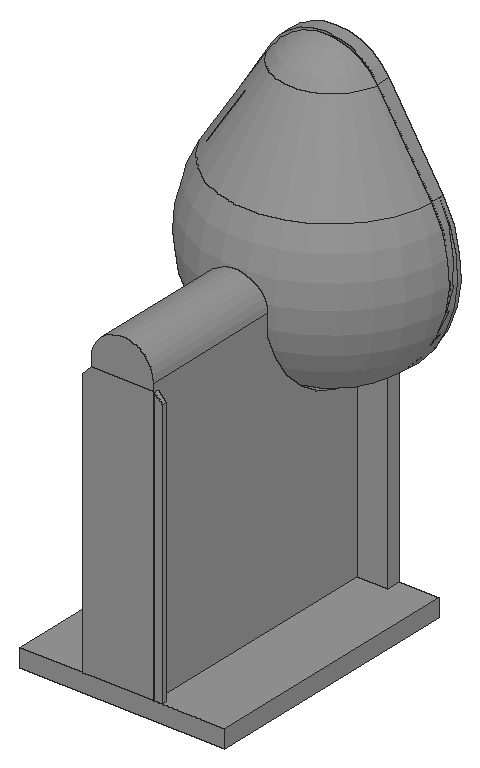
Revit family "Toilet-Willoughby-1490-ETWS-FM-TS", category Plumbing Fixtures, host Face, Revit 2014
Parameters (values of type "Standard")
  Waste DIA = 2 1/2"
  Waste Connection = yes
  W-RAD [instance] = Waste DIA / 2  # 0' - 1 1/4"
  Vent Connection = no
  URL = "www.willoughby-ind.com"
  Type Comments = "Siphon Jet Flush"
  Revision = "A"
  Model = "ETWS-1490-FM-TS"
  Manufacturer = "Willoughby Industries"
  HW Connection = no
  Flush inlet DIA = 1 1/2"
  Flush Inlet Connection = yes
  Fixture Body = Stainless Steel AISI 304-Willoughby
  F-RAD [instance] = Flush inlet DIA / 2  # 0' - 0 3/4"
  Description = "Floor Mounted Toilet"
  Default Elevation = 0' - 0"
  Contact Number = "(800) 428-4065"
  CW Connection = no
Reference planes (in)
  plane 1 "Base": y = -16.25
  plane 2: z = 0
  plane 3 "Center": x = 18.31072
  plane 4 "Seat HGT": y = -1.25
  plane 5: y = -2.125
  plane 6: x = 16.56072
  plane 7: x = 20.06072
  plane 8: x = 12.56072
  plane 9: x = 24.06072
  plane 10: z = 2.75
  plane 11 "Waste HGT": y = -10.75
  plane 12: z = 27.75
Forms (in)
  Extrusion 1, solid, material "Stainless Steel AISI 304-Willoughby" <- "Fixture Body"
    sketch origin (16.08109, 7.47968, -5.1422) x (-1, 0, 0) y (0, 0, -1)
      loop
        line (1.29775, -16.80087) -> (1.29775, -5.1422) -> (-5.72963, -5.1422) -> (-5.72963, -16.81676)
        arc (-5.72963, -16.81676) -> (-8.98136, -21.11843) -> (-8.21015, -26.45542) r 7
        line (-8.21015, -26.45542) -> (-5.16818, -31.31054)
        arc (-5.16818, -31.31054) -> (-2.20225, -32.95225) -> (0.76368, -31.31054) r 3.5
        line (0.76368, -31.31054) -> (3.80565, -26.45542)
        arc (3.80565, -26.45542) -> (4.5729, -21.10311) -> (1.29775, -16.80087) r 7
      loop
        arc (2.03989, -24.70557) -> (-2.20225, -18.23804) -> (-6.44438, -24.70557) r 4.625
        line (-6.44438, -24.70557) -> (-4.04125, -30.23842)
        arc (-4.04125, -30.23842) -> (-2.20225, -31.45225) -> (-0.36324, -30.23842) r 2
        line (-0.36324, -30.23842) -> (2.03989, -24.70557)
    from 8.72968 to 9.5
  Revolve 2, solid, material "Stainless Steel AISI 304-Willoughby" <- "Fixture Body"
    sketch origin (19.37246, -1.52032, -1.93826) x (-1, 0, 0) y (0, 0, -1)
      loop
        line (1.06174, -12.59906) -> (1.06174, -12.84906)
        arc (1.06174, -12.84906) -> (6.96784, -16.33096) -> (6.78077, -23.18447) r 6.75
        line (6.78077, -23.18447) -> (3.81535, -27.91457)
        arc (3.81535, -27.91457) -> (2.63527, -29.03194) -> (1.06174, -29.43826) r 3.25
        line (1.06174, -29.43826) -> (1.06174, -29.68826)
        arc (1.06174, -29.68826) -> (2.75672, -29.25045) -> (4.02767, -28.04656) r 3.5
        line (4.02767, -28.04656) -> (7.06964, -23.19143)
        arc (7.06964, -23.19143) -> (7.15052, -16.14555) -> (1.06174, -12.59906) r 7
      axis (1.06174, -12.59906) -> (1.06174, -29.68826)
    angle from 0 to -180
  Extrusion 3, solid, material "Stainless Steel AISI 304-Willoughby" <- "Fixture Body"
    sketch origin (19.53334, -3.02032, -2.9508) x (0, 1, 0) y (0, 0, 1)
      loop
        line (-5.27082, 2.9508) -> (1, 2.9508) -> (1, 13.76086)
        arc (1, 13.76086) -> (-2.93256, 15.26109) -> (-5.27082, 18.76086) r 6.92744
        line (-5.27082, 18.76086) -> (-5.27082, 2.9508)
    from 0.52738 to -2.97262
  Extrusion 4, solid, material "Stainless Steel AISI 304-Willoughby" <- "Fixture Body"
    sketch origin (0, 14.59309, 0) x (1, 0, 0) y (0, 1, 0)
      loop
        circle (18.31072, -25.34309) r 1.25
    from 1 to -3
  Extrusion 5, solid, material "Stainless Steel AISI 304-Willoughby" <- "Fixture Body"
    sketch origin (0, 1.11185, 0) x (1, 0, 0) y (0, 0, 1)
      loop
        circle (18.31072, 2.75) r 0.75
    from 2.36185 to 1.42435
  Extrusion 6, solid, material "Stainless Steel AISI 304-Willoughby" <- "Fixture Body"
    sketch origin (0, -16.25, 0) x (1, 0, 0) y (0, 0, 1)
      loop
        line (24.06072, 0) -> (24.06072, 1) -> (12.56072, 1) -> (12.56072, 0) -> (24.06072, 0)
    from -15 to 0
  Extrusion 7, solid, material "Stainless Steel AISI 304-Willoughby" <- "Fixture Body"
    sketch origin (0, -16.25, 2) x (1, 0, 0) y (0, 0, 1)
      loop
        line (20.06072, -2) -> (20.06072, 14.94894)
        arc (20.06072, 14.94894) -> (18.31072, 16.69894) -> (16.56072, 14.94894) r 1.75
        line (16.56072, 14.94894) -> (16.56072, -2) -> (20.06072, -2)
    from 0 to -7.95886
  Extrusion 8, solid, material "Stainless Steel AISI 304-Willoughby" <- "Fixture Body"
    sketch origin (0, -16.25, 0) x (1, 0, 0) y (0, 0, 1)
      loop
        line (20.56072, 1) -> (20.56072, 16.04076) -> (20.06072, 16.54076) -> (16.56072, 16.54076) -> (16.06072, 16.04076) -> (16.06072, 1) -> (16.56072, 1) -> (20.56072, 1)
    from 0 to -0.25
Cuts and joins
  joined: Extrusion 1, Extrusion 3, Extrusion 6, Extrusion 7
Lines and regions (in)
  symbolic lines
    curve 1: line (11.28334, -2.02032, 0) -> (11.28334, -1.25, 0)
    curve 2: line (11.28334, -1.25, 0) -> (25.28334, -1.25, 0)
    curve 3: line (25.28334, -1.25, 0) -> (25.28334, -2.02032, 0)
    curve 4: arc (25.28334, -2.02032, 0) -> (23.10099, -6.63946, 0) -> (18.31072, -8.41496, 0) r 6.76417
    curve 5: arc (18.31072, -8.41496, 0) -> (13.51474, -6.62681, 0) -> (11.28334, -2.02032, 0) r 6.8754
    curve 6: line (24.06072, -5.54725, 0) -> (24.06072, -16.25, 0)
    curve 7: line (24.06072, -16.25, 0) -> (12.56072, -16.25, 0)
    curve 8: line (12.56072, -16.25, 0) -> (12.56072, -5.55658, 0)
    curve 9: line (20.06072, -8.24279, 0) -> (20.06072, -16.25, 0)
    curve 10: line (16.56072, -8.2327, 0) -> (16.56072, -16.25, 0)
    curve 11: line (20.06072, -16, 0) -> (20.56072, -16, 0)
    curve 12: line (20.56072, -16, 0) -> (20.56072, -16.25, 0)
    curve 13: line (16.56072, -16, 0) -> (16.06072, -16, 0)
    curve 14: line (16.06072, -16, 0) -> (16.06072, -16.25, 0)
    curve 15: line (14.78334, -16.25, 11.65867) -> (14.78334, -16.25, 1)
    curve 16: line (14.78334, -16.25, 1) -> (12.56072, -16.25, 1)
    curve 17: line (12.56072, -16.25, 1) -> (12.56072, -16.25, 0)
    curve 18: line (12.56072, -16.25, 0) -> (24.06072, -16.25, 0)
    curve 19: line (24.06072, -16.25, 0) -> (24.06072, -16.25, 1)
    curve 20: line (24.06072, -16.25, 1) -> (21.81072, -16.25, 1)
    curve 21: line (21.81072, -16.25, 1) -> (21.81072, -16.25, 11.67456)
    curve 22: arc (21.81072, -16.25, 11.67456) -> (25.08541, -16.25, 15.97033) -> (24.29124, -16.25, 21.31322) r 6.94458
    curve 23: line (24.29124, -16.25, 21.31322) -> (21.24927, -16.25, 26.16835)
    curve 24: arc (21.24927, -16.25, 26.16835) -> (19.97832, -16.25, 27.37224) -> (18.28334, -16.25, 27.81005) r 3.5
    curve 25: arc (18.28334, -16.25, 27.81005) -> (16.58835, -16.25, 27.37224) -> (15.31741, -16.25, 26.16835) r 3.5
    curve 26: line (15.31741, -16.25, 26.16835) -> (12.35249, -16.25, 21.43905)
    curve 27: arc (12.35249, -16.25, 21.43905) -> (11.49002, -16.25, 16.03241) -> (14.78334, -16.25, 11.65867) r 7
    curve 33: line (18.31072, -8.42861, 18.69535) -> (18.31072, -16.25, 18.69535)
    curve 34: line (18.31072, -16.25, 18.69535) -> (18.31072, -16.25, 0)
    curve 35: line (18.31072, -16.25, 0) -> (18.31072, -1.25, 0)
    curve 36: line (18.31072, -1.25, 0) -> (18.31072, -1.25, 27.81005)
    curve 37: line (18.31072, -1.25, 27.81005) -> (18.31072, -2.02032, 27.81005)
    curve 38: arc (18.31072, -2.02032, 27.81005) -> (18.31072, -3.3009, 27.25737) -> (18.31072, -4.32667, 26.31229) r 4.1579
    curve 39: line (18.31072, -4.32667, 26.31229) -> (18.31072, -7.52822, 21.25317)
    curve 40: arc (18.31072, -7.52822, 21.25317) -> (18.31072, -8.12338, 20.02529) -> (18.31072, -8.42861, 18.69535) r 6.05743
    curve 41: arc (18.31072, -8.42861, 18.69535) -> (18.31072, -8.31429, 17.25487) -> (18.31072, -8.29114, 15.81005) r 22.87654
    curve 42: arc (18.31072, -8.29114, 15.81005) -> (18.31072, -5.95289, 12.31029) -> (18.31072, -2.02032, 10.81005) r 6.92744
    curve 43: line (18.31072, -1.25, 11.65867) -> (18.31072, -2.02032, 11.65867)
    curve 44: line (18.31072, -2.02032, 11.65867) -> (18.31072, -2.02032, 1)
    curve 45: line (18.31072, -2.02032, 1) -> (18.31072, -16.25, 1)
  symbolic lines, detail levels fine
    curve 28: arc (14.0412, -16.25, 19.56337) -> (18.28334, -16.25, 13.09585) -> (22.52547, -16.25, 19.56337) r 4.625
    curve 29: line (22.52547, -16.25, 19.56337) -> (20.23477, -16.25, 24.83738)
    curve 30: arc (20.23477, -16.25, 24.83738) -> (19.45279, -16.25, 25.83044) -> (18.28334, -16.25, 26.31005) r 2.48373
    curve 31: arc (18.28334, -16.25, 26.31005) -> (17.13701, -16.25, 26.04679) -> (16.44433, -16.25, 25.09622) r 1.67984
    curve 32: line (16.44433, -16.25, 25.09622) -> (14.0412, -16.25, 19.56337)
Dimensions and locks (in)
  locked: plane 1 "Base" to plane 4 "Seat HGT" at 15
  locked: plane 11 "Waste HGT" to plane 1 "Base" at 5.5
  locked: plane 1 "Base" to plane 11 "Waste HGT" at 5.5
  locked: plane 8 to plane 9 at 11.5
  locked: plane 8 to plane 3 "Center" at 5.75
  host face to plane 12 = 2' - 3 3/4"
  host face to plane 10 = 0' - 2 3/4"
  "W-RAD": radius of Extrusion 4 sketch curve
  "F-RAD": radius of Extrusion 5 sketch curve
  aligned and locked: plane 2 to host face
  aligned and locked: level to host face
  aligned and locked: plane 3 "Center" to Extrusion 4 sketch curve
  aligned and locked: plane 3 "Center" to Extrusion 5 sketch curve
  aligned and locked: plane 10 to Extrusion 5 sketch curve
  aligned and locked: plane 11 "Waste HGT" to Extrusion 4 sketch curve
  aligned and locked: cut or joined group of Extrusion 1, Extrusion 3, Extrusion 6, Extrusion 7 to level
  aligned and locked: cut or joined group of Extrusion 1, Extrusion 3, Extrusion 6, Extrusion 7 to cut or joined group of Extrusion 1, Extrusion 3, Extrusion 6, Extrusion 7
Automatic sketch dimensions
  host sketch curve to host sketch curve = 3' - 8.1248"
  host sketch curve to host sketch curve = 3' - 2.61225"
  Extrusion 1 sketch curve to Extrusion 1 sketch curve = 0' - 0"  (x8)
  level to Extrusion 1 sketch curve = 0' - 0"
  plane 3 "Center" to Extrusion 1 sketch curve = 0' - 5.98052"
  Extrusion 1 sketch curve to Extrusion 1 sketch curve = 0' - 1.76576"  (x2)
  plane 3 "Center" to Extrusion 1 sketch curve = 0' - 3 1/2"
  plane 3 "Center" to Extrusion 1 sketch curve = 0' - 2.93855"
  Extrusion 1 sketch curve to Extrusion 1 sketch curve = 0' - 1.12693"  (x2)
  Extrusion 1 sketch curve to plane 3 "Center" = 0' - 0.02738"  (x2)
  Extrusion 1 sketch curve to plane 3 "Center" = 0' - 1.86639"
  Extrusion 1 sketch curve to plane 3 "Center" = 0' - 3.52738"
  Extrusion 1 sketch curve to plane 3 "Center" = 0' - 4 69/256"
  Extrusion 1 sketch curve to Extrusion 1 sketch curve = 0' - 11.65867"
  Extrusion 1 sketch curve to Extrusion 1 sketch curve = 0' - 0.01589"
  Extrusion 1 sketch curve to Extrusion 1 sketch curve = 0' - 6.06218"
  Extrusion 1 sketch curve to Extrusion 1 sketch curve = 0' - 1.74985"
  Extrusion 1 sketch curve to Extrusion 1 sketch curve = 0' - 4.74668"
  Extrusion 1 sketch curve to Extrusion 1 sketch curve = 0' - 0.78617"
  Extrusion 1 sketch curve to Extrusion 1 sketch curve = 0' - 1.07212"
  Revolve 2 sketch curve to Revolve 2 sketch curve = 0' - 0"  (x2)
  Revolve 2 sketch curve to plane 3 "Center" = 0' - 0"  (x3)
  plane 3 "Center" to Revolve 2 sketch curve = 0' - 0"
  Revolve 2 sketch curve to plane 3 "Center" = 0' - 2.75361"
  Revolve 2 sketch curve to Revolve 2 sketch curve = 0' - 0.21232"
  Revolve 2 sketch curve to Revolve 2 sketch curve = 0' - 2.96542"
  Revolve 2 sketch curve to Revolve 2 sketch curve = 0' - 0.28887"
  level to Revolve 2 sketch curve = 2' - 3 3/4"
  Revolve 2 sketch curve to Revolve 2 sketch curve = 0' - 0 1/4"
  Revolve 2 sketch curve to Revolve 2 sketch curve = 0' - 1.3917"
  Revolve 2 sketch curve to Revolve 2 sketch curve = 0' - 0.13199"
  Revolve 2 sketch curve to Revolve 2 sketch curve = 0' - 4.85513"
  Revolve 2 sketch curve to Revolve 2 sketch curve = 0' - 0.00696"
  Revolve 2 sketch curve to Revolve 2 sketch curve = 0' - 3 1/4"
  Revolve 2 sketch curve to Revolve 2 sketch curve = 0' - 3.3392"
  Revolve 2 sketch curve to Revolve 2 sketch curve = 0' - 2.4108"
  level to Extrusion 3 sketch curve = 0' - 0"
  plane 5 to Extrusion 3 sketch curve = 0' - 0.10468"
  plane 4 "Seat HGT" to Extrusion 3 sketch curve = 0' - 0.38413"
  Extrusion 3 sketch curve to Extrusion 3 sketch curve = 0' - 10.81005"
  Extrusion 3 sketch curve to Extrusion 3 sketch curve = 0' - 5"
  Extrusion 6 sketch curve to plane 8 = 0' - 0"
  Extrusion 6 sketch curve to plane 9 = 0' - 0"
  Extrusion 6 sketch curve to level = 0' - 0"
  level to Extrusion 6 sketch curve = 0' - 1"
  level to Extrusion 7 sketch curve = 0' - 0"
  Extrusion 7 sketch curve to plane 7 = 0' - 0"
  plane 10 to Extrusion 7 sketch curve = 1' - 2.19894"
  plane 6 to Extrusion 7 sketch curve = 0' - 0"
  Extrusion 3 sketch curve to Extrusion 3 sketch curve = 0' - 6.27082"
  Extrusion 8 sketch curve to plane 6 = 0' - 0"  (x2)
  Extrusion 8 sketch curve to plane 7 = 0' - 0"
  Extrusion 8 sketch curve to Extrusion 8 sketch curve = 0' - 0 1/2"  (x3)
  plane 7 to Extrusion 8 sketch curve = 0' - 0 1/2"
  level to Extrusion 8 sketch curve = 0' - 1"
  plane 10 to Extrusion 8 sketch curve = 1' - 1.29076"
  plane 4 "Seat HGT" to curve 1 = 0' - 0"
  curve 7 to plane 8 = 0' - 0"
  plane 1 "Base" to curve 14 = 0' - 0"
  curve 10 to plane 6 = 0' - 0"
  curve 4 to plane 3 "Center" = 0' - 0"
  curve 11 to plane 7 = 0' - 0"
  curve 6 to plane 9 = 0' - 0"
  plane 5 to curve 1 = 0' - 0.10468"
  curve 1 to plane 8 = 0' - 1.27738"
  curve 5 to plane 3 "Center" = 0' - 0.16867"
  plane 3 "Center" to curve 4 = 0' - 0.21836"
  curve 12 to plane 1 "Base" = 0' - 0 1/4"
  plane 7 to curve 12 = 0' - 0 1/2"
  plane 9 to curve 2 = 0' - 1.22262"
  plane 5 to curve 3 = 0' - 0.10468"
  plane 4 "Seat HGT" to curve 4 = 0' - 0.40431"
  curve 14 to curve 10 = 0' - 0 1/2"
  curve 10 to curve 13 = 0' - 0 1/4"
  curve 24 to curve 25 = 0' - 0"
  curve 27 to curve 28 = 0' - 0"  (x2)
  curve 18 to level = 0' - 0"
  curve 18 to plane 8 = 0' - 0"
  curve 19 to plane 9 = 0' - 0"
  curve 26 to plane 8 = 0' - 0.20823"
  curve 15 to plane 6 = 0' - 1.77738"
  curve 26 to plane 6 = 0' - 1.24331"
  curve 30 to plane 3 "Center" = 0' - 0.35407"
  curve 31 to plane 3 "Center" = 0' - 0.24834"
  curve 28 to plane 3 "Center" = 0' - 0.02738"
  curve 25 to plane 3 "Center" = 0' - 0.02738"
  plane 3 "Center" to curve 22 = 0' - 0.04925"
  plane 7 to curve 29 = 0' - 0.17405"
  plane 7 to curve 23 = 0' - 1.18855"
  plane 7 to curve 21 = 0' - 1 3/4"
  curve 29 to plane 9 = 0' - 1.53525"
  plane 9 to curve 23 = 0' - 0.23052"
  level to curve 16 = 0' - 1"
  level to curve 20 = 0' - 1"
  plane 10 to curve 15 = 0' - 8.90867"
  curve 15 to curve 21 = 0' - 0.01589"
  curve 21 to curve 22 = 0' - 6.02656"
  curve 22 to curve 28 = 0' - 0.01972"
  curve 29 to curve 22 = 0' - 1.74985"
  curve 30 to plane 12 = 0' - 3.9021"
  curve 30 to curve 25 = 0' - 0.46215"
  curve 25 to curve 31 = 0' - 0.33476"
  curve 25 to curve 29 = 0' - 0 135/256"
  curve 23 to plane 12 = 0' - 1.58165"
  plane 8 to curve 28 = 0' - 1 123/256"
  curve 32 to plane 6 = 0' - 0.11639"
  curve 31 to curve 30 = 0' - 0"
  curve 34 to plane 1 "Base" = 0' - 0"
  curve 36 to level = 0' - 0"
  curve 36 to plane 4 "Seat HGT" = 0' - 0"
  plane 1 "Base" to curve 41 = 1' - 2.91491"
  plane 11 "Waste HGT" to curve 33 = 0' - 2.32139"
  curve 33 to curve 39 = 0' - 0.90038"
  curve 39 to plane 5 = 0' - 2.20167"
  curve 40 to plane 5 = 0' - 0.28462"
  plane 5 to curve 44 = 0' - 0.10468"
  plane 12 to curve 37 = 0' - 0.06005"
  plane 5 to curve 37 = 0' - 0.10468"
  plane 4 "Seat HGT" to curve 42 = 0' - 0.38413"
  curve 38 to plane 4 "Seat HGT" = 0' - 0.21365"
  plane 10 to curve 43 = 0' - 8.90867"
  curve 41 to plane 12 = 0' - 11.58383"
  curve 43 to curve 42 = 0' - 6.06805"
  curve 42 to curve 40 = 0' - 0.28726"
  curve 34 to plane 12 = 0' - 9.05465"
  curve 38 to plane 12 = 0' - 3.97974"
  plane 11 "Waste HGT" to curve 41 = 0' - 2.45886"
  level to curve 45 = 0' - 1"
Connectors (in)
  piping at (18.31072, -10.75, -3), diameter 2.5, driven by "W-RAD", driven by "Waste Connection"
    settings: on Extrusion 4, index 1, connector inside diameter 2 1/2", connector length 0' - 0", flow factor 0, pipe flow 0 GPM, pressure drop 0.00 psi, fitting loss kfactor 0, connector angle 0.00°, fixture units 0, engagement length 0' - 0", angle of deflection 0.00°, flow configuration 0, flow direction 2, fitting loss method 0, system type 16, joint type 0, gender type 0, connector reference index -1, connector utility 1, adjustable connector yes, is connector primary yes, connector description "Toilet Waste"
  piping at (18.31072, -0.3125, 2.75), diameter 1.5, driven by "F-RAD", driven by "Flush Inlet Connection"
    settings: on Extrusion 5, index 2, connector inside diameter 1 1/2", connector length 0' - 0", flow factor 0, pipe flow 0 GPM, pressure drop 0.00 psi, fitting loss kfactor 0, connector angle 0.00°, fixture units 0, engagement length 0' - 0", angle of deflection 0.00°, flow configuration 0, flow direction 1, fitting loss method 0, system type 20, joint type 0, gender type 0, connector reference index -1, connector utility 1, adjustable connector no, is connector primary no, connector description "Flush Inlet"
